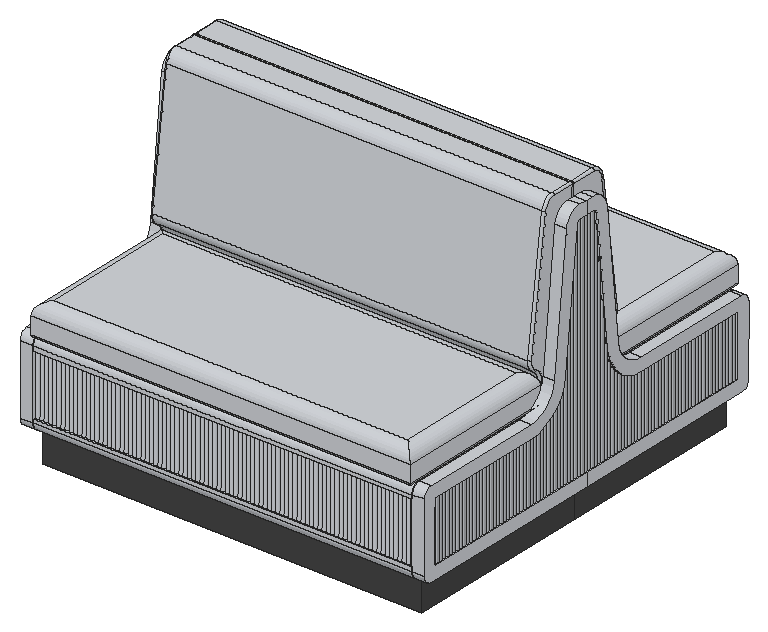
Revit family "Trenton Booth", category Furniture, Revit 2021 (continued)
Automatic sketch dimensions
  Extrusion 62 sketch curve to Extrusion 62 sketch curve = 1/4"
  Extrusion 62 sketch curve to Extrusion 62 sketch curve = 0"
  plane 7 to Extrusion 63 sketch curve = 3/4"
  Extrusion 63 sketch curve to plane 3 "Center Left/Right" = 6 1/4"
  Extrusion 63 sketch curve to Extrusion 63 sketch curve = 1/4"
  Extrusion 63 sketch curve to Extrusion 63 sketch curve = 0"
  plane 7 to Extrusion 64 sketch curve = 3/4"
  Extrusion 64 sketch curve to plane 3 "Center Left/Right" = 6 3/4"
  Extrusion 64 sketch curve to Extrusion 64 sketch curve = 1/4"
  Extrusion 64 sketch curve to Extrusion 64 sketch curve = 0"
  plane 7 to Extrusion 65 sketch curve = 3/4"
  Extrusion 65 sketch curve to plane 3 "Center Left/Right" = 7 1/4"
  Extrusion 65 sketch curve to Extrusion 65 sketch curve = 1/4"
  Extrusion 65 sketch curve to Extrusion 65 sketch curve = 0"
  plane 7 to Extrusion 66 sketch curve = 3/4"
  Extrusion 66 sketch curve to plane 3 "Center Left/Right" = 7 3/4"
  Extrusion 66 sketch curve to Extrusion 66 sketch curve = 1/4"
  Extrusion 66 sketch curve to Extrusion 66 sketch curve = 0"
  plane 7 to Extrusion 67 sketch curve = 3/4"
  Extrusion 67 sketch curve to plane 3 "Center Left/Right" = 8 1/4"
  Extrusion 67 sketch curve to Extrusion 67 sketch curve = 1/4"
  Extrusion 67 sketch curve to Extrusion 67 sketch curve = 0"
  plane 7 to Extrusion 68 sketch curve = 3/4"
  Extrusion 68 sketch curve to plane 3 "Center Left/Right" = 8 3/4"
  Extrusion 68 sketch curve to Extrusion 68 sketch curve = 1/4"
  Extrusion 68 sketch curve to Extrusion 68 sketch curve = 0"
  plane 7 to Extrusion 69 sketch curve = 3/4"
  Extrusion 69 sketch curve to plane 3 "Center Left/Right" = 9 1/4"
  Extrusion 69 sketch curve to Extrusion 69 sketch curve = 1/4"
  Extrusion 69 sketch curve to Extrusion 69 sketch curve = 0"
  plane 7 to Extrusion 70 sketch curve = 3/4"
  Extrusion 70 sketch curve to plane 3 "Center Left/Right" = 9 3/4"
  Extrusion 70 sketch curve to Extrusion 70 sketch curve = 1/4"
  Extrusion 70 sketch curve to Extrusion 70 sketch curve = 0"
  plane 7 to Extrusion 71 sketch curve = 3/4"
  Extrusion 71 sketch curve to plane 3 "Center Left/Right" = 10 1/4"
  Extrusion 71 sketch curve to Extrusion 71 sketch curve = 1/4"
  Extrusion 71 sketch curve to Extrusion 71 sketch curve = 0"
  plane 7 to Extrusion 72 sketch curve = 3/4"
  Extrusion 72 sketch curve to plane 3 "Center Left/Right" = 10 3/4"
  Extrusion 72 sketch curve to Extrusion 72 sketch curve = 1/4"
  Extrusion 72 sketch curve to Extrusion 72 sketch curve = 0"
  plane 7 to Extrusion 73 sketch curve = 3/4"
  Extrusion 73 sketch curve to plane 3 "Center Left/Right" = 11 1/4"
  Extrusion 73 sketch curve to Extrusion 73 sketch curve = 1/4"
  Extrusion 73 sketch curve to Extrusion 73 sketch curve = 0"
  plane 7 to Extrusion 74 sketch curve = 3/4"
  Extrusion 74 sketch curve to plane 11 = 10 3/4"
  Extrusion 74 sketch curve to Extrusion 74 sketch curve = 1/4"
  Extrusion 74 sketch curve to Extrusion 74 sketch curve = 0"
  plane 7 to Extrusion 75 sketch curve = 3/4"
  Extrusion 75 sketch curve to plane 11 = 10 1/4"
  Extrusion 75 sketch curve to Extrusion 75 sketch curve = 1/4"
  Extrusion 75 sketch curve to Extrusion 75 sketch curve = 0"
  plane 7 to Extrusion 76 sketch curve = 3/4"
  Extrusion 76 sketch curve to plane 11 = 9 3/4"
  Extrusion 76 sketch curve to Extrusion 76 sketch curve = 1/4"
  Extrusion 76 sketch curve to Extrusion 76 sketch curve = 0"
  plane 7 to Extrusion 77 sketch curve = 3/4"
  Extrusion 77 sketch curve to plane 11 = 9 1/4"
  Extrusion 77 sketch curve to Extrusion 77 sketch curve = 1/4"
  Extrusion 77 sketch curve to Extrusion 77 sketch curve = 0"
  plane 7 to Extrusion 78 sketch curve = 3/4"
  Extrusion 78 sketch curve to plane 11 = 8 3/4"
  Extrusion 78 sketch curve to Extrusion 78 sketch curve = 1/4"
  Extrusion 78 sketch curve to Extrusion 78 sketch curve = 0"
  plane 7 to Extrusion 79 sketch curve = 3/4"
  Extrusion 79 sketch curve to plane 11 = 8 1/4"
  Extrusion 79 sketch curve to Extrusion 79 sketch curve = 1/4"
  Extrusion 79 sketch curve to Extrusion 79 sketch curve = 0"
  plane 7 to Extrusion 80 sketch curve = 3/4"
  Extrusion 80 sketch curve to plane 11 = 7 3/4"
  Extrusion 80 sketch curve to Extrusion 80 sketch curve = 1/4"
  Extrusion 80 sketch curve to Extrusion 80 sketch curve = 0"
  plane 7 to Extrusion 81 sketch curve = 3/4"
  Extrusion 81 sketch curve to plane 11 = 7 1/4"
  Extrusion 81 sketch curve to Extrusion 81 sketch curve = 1/4"
  Extrusion 81 sketch curve to Extrusion 81 sketch curve = 0"
  plane 7 to Extrusion 82 sketch curve = 3/4"
  Extrusion 82 sketch curve to plane 11 = 6 3/4"
  Extrusion 82 sketch curve to Extrusion 82 sketch curve = 1/4"
  Extrusion 82 sketch curve to Extrusion 82 sketch curve = 0"
  plane 7 to Extrusion 83 sketch curve = 3/4"
  Extrusion 83 sketch curve to plane 11 = 6 1/4"
  Extrusion 83 sketch curve to Extrusion 83 sketch curve = 1/4"
  Extrusion 83 sketch curve to Extrusion 83 sketch curve = 0"
  plane 7 to Extrusion 84 sketch curve = 3/4"
  Extrusion 84 sketch curve to plane 11 = 5 3/4"
  Extrusion 84 sketch curve to Extrusion 84 sketch curve = 1/4"
  Extrusion 84 sketch curve to Extrusion 84 sketch curve = 0"
  plane 7 to Extrusion 85 sketch curve = 3/4"
  Extrusion 85 sketch curve to plane 11 = 5 1/4"
  Extrusion 85 sketch curve to Extrusion 85 sketch curve = 1/4"
  Extrusion 85 sketch curve to Extrusion 85 sketch curve = 0"
  plane 7 to Extrusion 86 sketch curve = 3/4"
  Extrusion 86 sketch curve to plane 11 = 4 3/4"
  Extrusion 86 sketch curve to Extrusion 86 sketch curve = 1/4"
  Extrusion 86 sketch curve to Extrusion 86 sketch curve = 0"
  plane 7 to Extrusion 87 sketch curve = 3/4"
  Extrusion 87 sketch curve to plane 11 = 4 1/4"
  Extrusion 87 sketch curve to Extrusion 87 sketch curve = 1/4"
  Extrusion 87 sketch curve to Extrusion 87 sketch curve = 0"
  plane 7 to Extrusion 88 sketch curve = 3/4"
  Extrusion 88 sketch curve to plane 11 = 3 3/4"
  Extrusion 88 sketch curve to Extrusion 88 sketch curve = 1/4"
  Extrusion 88 sketch curve to Extrusion 88 sketch curve = 0"
  plane 7 to Extrusion 89 sketch curve = 3/4"
  Extrusion 89 sketch curve to plane 11 = 3 1/4"
  Extrusion 89 sketch curve to Extrusion 89 sketch curve = 1/4"
  Extrusion 89 sketch curve to Extrusion 89 sketch curve = 0"
  plane 7 to Extrusion 90 sketch curve = 3/4"
  Extrusion 90 sketch curve to plane 11 = 2 3/4"
  Extrusion 90 sketch curve to Extrusion 90 sketch curve = 1/4"
  Extrusion 90 sketch curve to Extrusion 90 sketch curve = 0"
  plane 7 to Extrusion 91 sketch curve = 3/4"
  Extrusion 91 sketch curve to plane 11 = 2 1/4"
  Extrusion 91 sketch curve to Extrusion 91 sketch curve = 1/4"
  Extrusion 91 sketch curve to Extrusion 91 sketch curve = 0"
  plane 7 to Extrusion 92 sketch curve = 3/4"
  Extrusion 92 sketch curve to plane 11 = 1 3/4"
  Extrusion 92 sketch curve to Extrusion 92 sketch curve = 1/4"
  Extrusion 92 sketch curve to Extrusion 92 sketch curve = 0"
  Extrusion 93 sketch curve to plane 11 = 1 1/4"
  Extrusion 93 sketch curve to Extrusion 93 sketch curve = 1/4"
  plane 7 to Extrusion 93 sketch curve = 3/4"
  Extrusion 93 sketch curve to Extrusion 93 sketch curve = 0"
  Extrusion 94 sketch curve to plane 11 = 3/4"
  Extrusion 94 sketch curve to Extrusion 94 sketch curve = 1/4"
  plane 7 to Extrusion 94 sketch curve = 3/4"
  Extrusion 94 sketch curve to Extrusion 94 sketch curve = 0"
  Extrusion 95 sketch curve to plane 11 = 0"  (x2)
  Extrusion 95 sketch curve to plane 11 = 1/4"
  plane 7 to Extrusion 95 sketch curve = 3/4"
  Extrusion 96 sketch curve to plane 10 = 0"
  Extrusion 96 sketch curve to Extrusion 96 sketch curve = 1/4"
  plane 9 to Extrusion 96 sketch curve = 1/2"
  Extrusion 96 sketch curve to Extrusion 96 sketch curve = 0"
  Extrusion 97 sketch curve to plane 10 = 3/4"
  Extrusion 97 sketch curve to Extrusion 97 sketch curve = 1/4"
  plane 9 to Extrusion 97 sketch curve = 1/2"
  Extrusion 97 sketch curve to Extrusion 97 sketch curve = 0"
  plane 9 to Extrusion 98 sketch curve = 1/2"
  Extrusion 98 sketch curve to plane 10 = 1 1/4"
  Extrusion 98 sketch curve to Extrusion 98 sketch curve = 1/4"
  Extrusion 98 sketch curve to Extrusion 98 sketch curve = 0"
  plane 9 to Extrusion 99 sketch curve = 1/2"
  Extrusion 99 sketch curve to plane 10 = 1 3/4"
  Extrusion 99 sketch curve to Extrusion 99 sketch curve = 1/4"
  Extrusion 99 sketch curve to Extrusion 99 sketch curve = 0"
  plane 9 to Extrusion 100 sketch curve = 1/2"
  Extrusion 100 sketch curve to plane 10 = 2 1/4"
  Extrusion 100 sketch curve to Extrusion 100 sketch curve = 1/4"
  Extrusion 100 sketch curve to Extrusion 100 sketch curve = 0"
  plane 9 to Extrusion 101 sketch curve = 1/2"
  Extrusion 101 sketch curve to plane 10 = 2 3/4"
  Extrusion 101 sketch curve to Extrusion 101 sketch curve = 1/4"
  Extrusion 101 sketch curve to Extrusion 101 sketch curve = 0"
  plane 9 to Extrusion 102 sketch curve = 1/2"
  Extrusion 102 sketch curve to plane 10 = 3 1/4"
  Extrusion 102 sketch curve to Extrusion 102 sketch curve = 1/4"
  Extrusion 102 sketch curve to Extrusion 102 sketch curve = 0"
  plane 9 to Extrusion 103 sketch curve = 1/2"
  Extrusion 103 sketch curve to plane 10 = 3 3/4"
  Extrusion 103 sketch curve to Extrusion 103 sketch curve = 1/4"
  Extrusion 103 sketch curve to Extrusion 103 sketch curve = 0"
  plane 9 to Extrusion 104 sketch curve = 1/2"
  Extrusion 104 sketch curve to plane 10 = 4 1/4"
  Extrusion 104 sketch curve to Extrusion 104 sketch curve = 1/4"
  Extrusion 104 sketch curve to Extrusion 104 sketch curve = 0"
  plane 9 to Extrusion 105 sketch curve = 1/2"
  Extrusion 105 sketch curve to plane 10 = 4 3/4"
  Extrusion 105 sketch curve to Extrusion 105 sketch curve = 1/4"
  Extrusion 105 sketch curve to Extrusion 105 sketch curve = 0"
  plane 9 to Extrusion 106 sketch curve = 1/2"
  Extrusion 106 sketch curve to plane 10 = 5 1/4"
  Extrusion 106 sketch curve to Extrusion 106 sketch curve = 1/4"
  Extrusion 106 sketch curve to Extrusion 106 sketch curve = 0"
  plane 9 to Extrusion 107 sketch curve = 1/2"
  Extrusion 107 sketch curve to plane 10 = 5 3/4"
  Extrusion 107 sketch curve to Extrusion 107 sketch curve = 1/4"
  Extrusion 107 sketch curve to Extrusion 107 sketch curve = 0"
  plane 9 to Extrusion 108 sketch curve = 1/2"
  Extrusion 108 sketch curve to plane 10 = 6 1/4"
  Extrusion 108 sketch curve to Extrusion 108 sketch curve = 1/4"
  Extrusion 108 sketch curve to Extrusion 108 sketch curve = 0"
  plane 9 to Extrusion 109 sketch curve = 1/2"
  Extrusion 109 sketch curve to plane 10 = 6 3/4"
  Extrusion 109 sketch curve to Extrusion 109 sketch curve = 1/4"
  Extrusion 109 sketch curve to Extrusion 109 sketch curve = 0"
  plane 9 to Extrusion 110 sketch curve = 1/2"
  Extrusion 110 sketch curve to plane 10 = 7 1/4"
  Extrusion 110 sketch curve to Extrusion 110 sketch curve = 1/4"
  Extrusion 110 sketch curve to Extrusion 110 sketch curve = 0"
  plane 9 to Extrusion 111 sketch curve = 1/2"
  Extrusion 111 sketch curve to plane 10 = 7 3/4"
  Extrusion 111 sketch curve to Extrusion 111 sketch curve = 1/4"
  Extrusion 111 sketch curve to Extrusion 111 sketch curve = 0"
  plane 9 to Extrusion 112 sketch curve = 1/2"
  Extrusion 112 sketch curve to plane 10 = 8 1/4"
  Extrusion 112 sketch curve to Extrusion 112 sketch curve = 1/4"
  Extrusion 112 sketch curve to Extrusion 112 sketch curve = 0"
  plane 9 to Extrusion 113 sketch curve = 1/2"
  Extrusion 113 sketch curve to plane 10 = 8 3/4"
  Extrusion 113 sketch curve to Extrusion 113 sketch curve = 1/4"
  Extrusion 113 sketch curve to Extrusion 113 sketch curve = 0"
  plane 9 to Extrusion 114 sketch curve = 1/2"
  Extrusion 114 sketch curve to plane 10 = 9 1/4"
  Extrusion 114 sketch curve to Extrusion 114 sketch curve = 1/4"
  Extrusion 114 sketch curve to Extrusion 114 sketch curve = 0"
  plane 9 to Extrusion 115 sketch curve = 1/2"
  Extrusion 115 sketch curve to plane 10 = 9 3/4"
  Extrusion 115 sketch curve to Extrusion 115 sketch curve = 1/4"
  Extrusion 115 sketch curve to Extrusion 115 sketch curve = 0"
  plane 9 to Extrusion 116 sketch curve = 1/2"
  Extrusion 116 sketch curve to plane 10 = 10 1/4"
  Extrusion 116 sketch curve to Extrusion 116 sketch curve = 1/4"
  Extrusion 116 sketch curve to Extrusion 116 sketch curve = 0"
  plane 9 to Extrusion 117 sketch curve = 1/2"
  Extrusion 117 sketch curve to plane 10 = 10 3/4"
  Extrusion 117 sketch curve to Extrusion 117 sketch curve = 1/4"
  Extrusion 117 sketch curve to Extrusion 117 sketch curve = 0"
  plane 9 to Extrusion 118 sketch curve = 1/2"
  plane 3 "Center Left/Right" to Extrusion 118 sketch curve = 11 1/4"
  Extrusion 118 sketch curve to Extrusion 118 sketch curve = 1/4"
  Extrusion 118 sketch curve to Extrusion 118 sketch curve = 0"
  plane 9 to Extrusion 119 sketch curve = 1/2"
  plane 3 "Center Left/Right" to Extrusion 119 sketch curve = 10 3/4"
  Extrusion 119 sketch curve to Extrusion 119 sketch curve = 1/4"
  Extrusion 119 sketch curve to Extrusion 119 sketch curve = 0"
  plane 9 to Extrusion 120 sketch curve = 1/2"
  plane 3 "Center Left/Right" to Extrusion 120 sketch curve = 10 1/4"
  Extrusion 120 sketch curve to Extrusion 120 sketch curve = 1/4"
  Extrusion 120 sketch curve to Extrusion 120 sketch curve = 0"
  plane 9 to Extrusion 121 sketch curve = 1/2"
  plane 3 "Center Left/Right" to Extrusion 121 sketch curve = 9 3/4"
  Extrusion 121 sketch curve to Extrusion 121 sketch curve = 1/4"
  Extrusion 121 sketch curve to Extrusion 121 sketch curve = 0"
  plane 9 to Extrusion 122 sketch curve = 1/2"
  plane 3 "Center Left/Right" to Extrusion 122 sketch curve = 9 1/4"
  Extrusion 122 sketch curve to Extrusion 122 sketch curve = 1/4"
  Extrusion 122 sketch curve to Extrusion 122 sketch curve = 0"
  plane 9 to Extrusion 123 sketch curve = 1/2"
  plane 3 "Center Left/Right" to Extrusion 123 sketch curve = 8 3/4"
  Extrusion 123 sketch curve to Extrusion 123 sketch curve = 1/4"
  Extrusion 123 sketch curve to Extrusion 123 sketch curve = 0"
  plane 9 to Extrusion 124 sketch curve = 1/2"
  plane 3 "Center Left/Right" to Extrusion 124 sketch curve = 8 1/4"
  Extrusion 124 sketch curve to Extrusion 124 sketch curve = 1/4"
  Extrusion 124 sketch curve to Extrusion 124 sketch curve = 0"
  plane 9 to Extrusion 125 sketch curve = 1/2"
  plane 3 "Center Left/Right" to Extrusion 125 sketch curve = 7 3/4"
  Extrusion 125 sketch curve to Extrusion 125 sketch curve = 1/4"
  Extrusion 125 sketch curve to Extrusion 125 sketch curve = 0"
  plane 9 to Extrusion 126 sketch curve = 1/2"
  plane 3 "Center Left/Right" to Extrusion 126 sketch curve = 7 1/4"
  Extrusion 126 sketch curve to Extrusion 126 sketch curve = 1/4"
  Extrusion 126 sketch curve to Extrusion 126 sketch curve = 0"
  plane 9 to Extrusion 127 sketch curve = 1/2"
  plane 3 "Center Left/Right" to Extrusion 127 sketch curve = 6 3/4"
  Extrusion 127 sketch curve to Extrusion 127 sketch curve = 1/4"
  Extrusion 127 sketch curve to Extrusion 127 sketch curve = 0"
  plane 9 to Extrusion 128 sketch curve = 1/2"
  plane 3 "Center Left/Right" to Extrusion 128 sketch curve = 6 1/4"
  Extrusion 128 sketch curve to Extrusion 128 sketch curve = 1/4"
  Extrusion 128 sketch curve to Extrusion 128 sketch curve = 0"
  plane 9 to Extrusion 129 sketch curve = 1/2"
  plane 3 "Center Left/Right" to Extrusion 129 sketch curve = 5 3/4"
  Extrusion 129 sketch curve to Extrusion 129 sketch curve = 1/4"
  Extrusion 129 sketch curve to Extrusion 129 sketch curve = 0"
  plane 9 to Extrusion 130 sketch curve = 1/2"
  plane 3 "Center Left/Right" to Extrusion 130 sketch curve = 5 1/4"
  Extrusion 130 sketch curve to Extrusion 130 sketch curve = 1/4"
  Extrusion 130 sketch curve to Extrusion 130 sketch curve = 0"
  plane 9 to Extrusion 131 sketch curve = 1/2"
  plane 3 "Center Left/Right" to Extrusion 131 sketch curve = 4 3/4"
  Extrusion 131 sketch curve to Extrusion 131 sketch curve = 1/4"
  Extrusion 131 sketch curve to Extrusion 131 sketch curve = 0"
  plane 9 to Extrusion 132 sketch curve = 1/2"
  plane 3 "Center Left/Right" to Extrusion 132 sketch curve = 4 1/4"
  Extrusion 132 sketch curve to Extrusion 132 sketch curve = 1/4"
  Extrusion 132 sketch curve to Extrusion 132 sketch curve = 0"
  plane 9 to Extrusion 133 sketch curve = 1/2"
  plane 3 "Center Left/Right" to Extrusion 133 sketch curve = 3 3/4"
  Extrusion 133 sketch curve to Extrusion 133 sketch curve = 1/4"
  Extrusion 133 sketch curve to Extrusion 133 sketch curve = 0"
  plane 9 to Extrusion 134 sketch curve = 1/2"
  plane 3 "Center Left/Right" to Extrusion 134 sketch curve = 3 1/4"
  Extrusion 134 sketch curve to Extrusion 134 sketch curve = 1/4"
  Extrusion 134 sketch curve to Extrusion 134 sketch curve = 0"
  plane 9 to Extrusion 135 sketch curve = 1/2"
  plane 3 "Center Left/Right" to Extrusion 135 sketch curve = 2 3/4"
  Extrusion 135 sketch curve to Extrusion 135 sketch curve = 1/4"
  Extrusion 135 sketch curve to Extrusion 135 sketch curve = 0"
  plane 9 to Extrusion 136 sketch curve = 1/2"
  plane 3 "Center Left/Right" to Extrusion 136 sketch curve = 2 1/4"
  Extrusion 136 sketch curve to Extrusion 136 sketch curve = 1/4"
  Extrusion 136 sketch curve to Extrusion 136 sketch curve = 0"
  plane 9 to Extrusion 137 sketch curve = 1/2"
  plane 3 "Center Left/Right" to Extrusion 137 sketch curve = 1 3/4"
  Extrusion 137 sketch curve to Extrusion 137 sketch curve = 1/4"
  Extrusion 137 sketch curve to Extrusion 137 sketch curve = 0"
  plane 9 to Extrusion 138 sketch curve = 1/2"
  plane 3 "Center Left/Right" to Extrusion 138 sketch curve = 1 1/4"
  Extrusion 138 sketch curve to Extrusion 138 sketch curve = 1/4"
  Extrusion 138 sketch curve to Extrusion 138 sketch curve = 0"
  plane 3 "Center Left/Right" to Extrusion 139 sketch curve = 3/4"
  Extrusion 139 sketch curve to Extrusion 139 sketch curve = 1/4"
  plane 9 to Extrusion 139 sketch curve = 1/2"
  Extrusion 139 sketch curve to Extrusion 139 sketch curve = 0"
  Extrusion 140 sketch curve to plane 3 "Center Left/Right" = 0"  (x2)
  plane 3 "Center Left/Right" to Extrusion 140 sketch curve = 1/4"
  plane 9 to Extrusion 140 sketch curve = 1/2"
  Extrusion 141 sketch curve to plane 3 "Center Left/Right" = 0"
  Extrusion 141 sketch curve to Extrusion 141 sketch curve = 1/4"
  plane 9 to Extrusion 141 sketch curve = 1/2"
  Extrusion 141 sketch curve to Extrusion 141 sketch curve = 0"
  Extrusion 142 sketch curve to plane 3 "Center Left/Right" = 3/4"
  Extrusion 142 sketch curve to Extrusion 142 sketch curve = 1/4"
  plane 9 to Extrusion 142 sketch curve = 1/2"
  Extrusion 142 sketch curve to Extrusion 142 sketch curve = 0"
  plane 9 to Extrusion 143 sketch curve = 1/2"
  Extrusion 143 sketch curve to plane 3 "Center Left/Right" = 1 1/4"
  Extrusion 143 sketch curve to Extrusion 143 sketch curve = 1/4"
  Extrusion 143 sketch curve to Extrusion 143 sketch curve = 0"
  plane 9 to Extrusion 144 sketch curve = 1/2"
  Extrusion 144 sketch curve to plane 3 "Center Left/Right" = 1 3/4"
  Extrusion 144 sketch curve to Extrusion 144 sketch curve = 1/4"
  Extrusion 144 sketch curve to Extrusion 144 sketch curve = 0"
  plane 9 to Extrusion 145 sketch curve = 1/2"
  Extrusion 145 sketch curve to plane 3 "Center Left/Right" = 2 1/4"
  Extrusion 145 sketch curve to Extrusion 145 sketch curve = 1/4"
  Extrusion 145 sketch curve to Extrusion 145 sketch curve = 0"
  plane 9 to Extrusion 146 sketch curve = 1/2"
  Extrusion 146 sketch curve to plane 3 "Center Left/Right" = 2 3/4"
  Extrusion 146 sketch curve to Extrusion 146 sketch curve = 1/4"
  Extrusion 146 sketch curve to Extrusion 146 sketch curve = 0"
  plane 9 to Extrusion 147 sketch curve = 1/2"
  Extrusion 147 sketch curve to plane 3 "Center Left/Right" = 3 1/4"
  Extrusion 147 sketch curve to Extrusion 147 sketch curve = 1/4"
  Extrusion 147 sketch curve to Extrusion 147 sketch curve = 0"
  plane 9 to Extrusion 148 sketch curve = 1/2"
  Extrusion 148 sketch curve to plane 3 "Center Left/Right" = 3 3/4"
  Extrusion 148 sketch curve to Extrusion 148 sketch curve = 1/4"
  Extrusion 148 sketch curve to Extrusion 148 sketch curve = 0"
  plane 9 to Extrusion 149 sketch curve = 1/2"
  Extrusion 149 sketch curve to plane 3 "Center Left/Right" = 4 1/4"
  Extrusion 149 sketch curve to Extrusion 149 sketch curve = 1/4"
  Extrusion 149 sketch curve to Extrusion 149 sketch curve = 0"
  plane 9 to Extrusion 150 sketch curve = 1/2"
  Extrusion 150 sketch curve to plane 3 "Center Left/Right" = 4 3/4"
  Extrusion 150 sketch curve to Extrusion 150 sketch curve = 1/4"
  Extrusion 150 sketch curve to Extrusion 150 sketch curve = 0"
  plane 9 to Extrusion 151 sketch curve = 1/2"
  Extrusion 151 sketch curve to plane 3 "Center Left/Right" = 5 1/4"
  Extrusion 151 sketch curve to Extrusion 151 sketch curve = 1/4"
  Extrusion 151 sketch curve to Extrusion 151 sketch curve = 0"
  plane 9 to Extrusion 152 sketch curve = 1/2"
  Extrusion 152 sketch curve to plane 3 "Center Left/Right" = 5 3/4"
  Extrusion 152 sketch curve to Extrusion 152 sketch curve = 1/4"
  Extrusion 152 sketch curve to Extrusion 152 sketch curve = 0"
  plane 9 to Extrusion 153 sketch curve = 1/2"
  Extrusion 153 sketch curve to plane 3 "Center Left/Right" = 6 1/4"
  Extrusion 153 sketch curve to Extrusion 153 sketch curve = 1/4"
  Extrusion 153 sketch curve to Extrusion 153 sketch curve = 0"
  plane 9 to Extrusion 154 sketch curve = 1/2"
  Extrusion 154 sketch curve to plane 3 "Center Left/Right" = 6 3/4"
  Extrusion 154 sketch curve to Extrusion 154 sketch curve = 1/4"
  Extrusion 154 sketch curve to Extrusion 154 sketch curve = 0"
  plane 9 to Extrusion 155 sketch curve = 1/2"
  Extrusion 155 sketch curve to plane 3 "Center Left/Right" = 7 1/4"
  Extrusion 155 sketch curve to Extrusion 155 sketch curve = 1/4"
  Extrusion 155 sketch curve to Extrusion 155 sketch curve = 0"
  plane 9 to Extrusion 156 sketch curve = 1/2"
  Extrusion 156 sketch curve to plane 3 "Center Left/Right" = 7 3/4"
  Extrusion 156 sketch curve to Extrusion 156 sketch curve = 1/4"
  Extrusion 156 sketch curve to Extrusion 156 sketch curve = 0"
  plane 9 to Extrusion 157 sketch curve = 1/2"
  Extrusion 157 sketch curve to plane 3 "Center Left/Right" = 8 1/4"
  Extrusion 157 sketch curve to Extrusion 157 sketch curve = 1/4"
  Extrusion 157 sketch curve to Extrusion 157 sketch curve = 0"
  plane 9 to Extrusion 158 sketch curve = 1/2"
  Extrusion 158 sketch curve to plane 3 "Center Left/Right" = 8 3/4"
  Extrusion 158 sketch curve to Extrusion 158 sketch curve = 1/4"
  Extrusion 158 sketch curve to Extrusion 158 sketch curve = 0"
  plane 9 to Extrusion 159 sketch curve = 1/2"
  Extrusion 159 sketch curve to plane 3 "Center Left/Right" = 9 1/4"
  Extrusion 159 sketch curve to Extrusion 159 sketch curve = 1/4"
  Extrusion 159 sketch curve to Extrusion 159 sketch curve = 0"
  plane 9 to Extrusion 160 sketch curve = 1/2"
  Extrusion 160 sketch curve to plane 3 "Center Left/Right" = 9 3/4"
  Extrusion 160 sketch curve to Extrusion 160 sketch curve = 1/4"
  Extrusion 160 sketch curve to Extrusion 160 sketch curve = 0"
  plane 9 to Extrusion 161 sketch curve = 1/2"
  Extrusion 161 sketch curve to plane 3 "Center Left/Right" = 10 1/4"
  Extrusion 161 sketch curve to Extrusion 161 sketch curve = 1/4"
  Extrusion 161 sketch curve to Extrusion 161 sketch curve = 0"
  plane 9 to Extrusion 162 sketch curve = 1/2"
  Extrusion 162 sketch curve to plane 3 "Center Left/Right" = 10 3/4"
  Extrusion 162 sketch curve to Extrusion 162 sketch curve = 1/4"
  Extrusion 162 sketch curve to Extrusion 162 sketch curve = 0"
  plane 9 to Extrusion 163 sketch curve = 1/2"
  Extrusion 163 sketch curve to plane 3 "Center Left/Right" = 11 1/4"
  Extrusion 163 sketch curve to Extrusion 163 sketch curve = 1/4"
  Extrusion 163 sketch curve to Extrusion 163 sketch curve = 0"
  plane 9 to Extrusion 164 sketch curve = 1/2"
  Extrusion 164 sketch curve to plane 11 = 10 3/4"
  Extrusion 164 sketch curve to Extrusion 164 sketch curve = 1/4"
  Extrusion 164 sketch curve to Extrusion 164 sketch curve = 0"
  plane 9 to Extrusion 165 sketch curve = 1/2"
  Extrusion 165 sketch curve to plane 11 = 10 1/4"
  Extrusion 165 sketch curve to Extrusion 165 sketch curve = 1/4"
  Extrusion 165 sketch curve to Extrusion 165 sketch curve = 0"
  plane 9 to Extrusion 166 sketch curve = 1/2"
  Extrusion 166 sketch curve to plane 11 = 9 3/4"
  Extrusion 166 sketch curve to Extrusion 166 sketch curve = 1/4"
  Extrusion 166 sketch curve to Extrusion 166 sketch curve = 0"
  plane 9 to Extrusion 167 sketch curve = 1/2"
  Extrusion 167 sketch curve to plane 11 = 9 1/4"
  Extrusion 167 sketch curve to Extrusion 167 sketch curve = 1/4"
  Extrusion 167 sketch curve to Extrusion 167 sketch curve = 0"
  plane 9 to Extrusion 168 sketch curve = 1/2"
  Extrusion 168 sketch curve to plane 11 = 8 3/4"
  Extrusion 168 sketch curve to Extrusion 168 sketch curve = 1/4"
  Extrusion 168 sketch curve to Extrusion 168 sketch curve = 0"
  plane 9 to Extrusion 169 sketch curve = 1/2"
  Extrusion 169 sketch curve to plane 11 = 8 1/4"
  Extrusion 169 sketch curve to Extrusion 169 sketch curve = 1/4"
  Extrusion 169 sketch curve to Extrusion 169 sketch curve = 0"
  plane 9 to Extrusion 170 sketch curve = 1/2"
  Extrusion 170 sketch curve to plane 11 = 7 3/4"
  Extrusion 170 sketch curve to Extrusion 170 sketch curve = 1/4"
  Extrusion 170 sketch curve to Extrusion 170 sketch curve = 0"
  plane 9 to Extrusion 171 sketch curve = 1/2"
  Extrusion 171 sketch curve to plane 11 = 7 1/4"
  Extrusion 171 sketch curve to Extrusion 171 sketch curve = 1/4"
  Extrusion 171 sketch curve to Extrusion 171 sketch curve = 0"
  plane 9 to Extrusion 172 sketch curve = 1/2"
  Extrusion 172 sketch curve to plane 11 = 6 3/4"
  Extrusion 172 sketch curve to Extrusion 172 sketch curve = 1/4"
  Extrusion 172 sketch curve to Extrusion 172 sketch curve = 0"
  plane 9 to Extrusion 173 sketch curve = 1/2"
  Extrusion 173 sketch curve to plane 11 = 6 1/4"
  Extrusion 173 sketch curve to Extrusion 173 sketch curve = 1/4"
  Extrusion 173 sketch curve to Extrusion 173 sketch curve = 0"
  plane 9 to Extrusion 174 sketch curve = 1/2"
  Extrusion 174 sketch curve to plane 11 = 5 3/4"
  Extrusion 174 sketch curve to Extrusion 174 sketch curve = 1/4"
  Extrusion 174 sketch curve to Extrusion 174 sketch curve = 0"
  plane 9 to Extrusion 175 sketch curve = 1/2"
  Extrusion 175 sketch curve to plane 11 = 5 1/4"
  Extrusion 175 sketch curve to Extrusion 175 sketch curve = 1/4"
  Extrusion 175 sketch curve to Extrusion 175 sketch curve = 0"
  plane 9 to Extrusion 176 sketch curve = 1/2"
  Extrusion 176 sketch curve to plane 11 = 4 3/4"
  Extrusion 176 sketch curve to Extrusion 176 sketch curve = 1/4"
  Extrusion 176 sketch curve to Extrusion 176 sketch curve = 0"
  plane 9 to Extrusion 177 sketch curve = 1/2"
  Extrusion 177 sketch curve to plane 11 = 4 1/4"
  Extrusion 177 sketch curve to Extrusion 177 sketch curve = 1/4"
  Extrusion 177 sketch curve to Extrusion 177 sketch curve = 0"
  plane 9 to Extrusion 178 sketch curve = 1/2"
  Extrusion 178 sketch curve to plane 11 = 3 3/4"
  Extrusion 178 sketch curve to Extrusion 178 sketch curve = 1/4"
  Extrusion 178 sketch curve to Extrusion 178 sketch curve = 0"
  plane 9 to Extrusion 179 sketch curve = 1/2"
  Extrusion 179 sketch curve to plane 11 = 3 1/4"
  Extrusion 179 sketch curve to Extrusion 179 sketch curve = 1/4"
  Extrusion 179 sketch curve to Extrusion 179 sketch curve = 0"
  plane 9 to Extrusion 180 sketch curve = 1/2"
  Extrusion 180 sketch curve to plane 11 = 2 3/4"
  Extrusion 180 sketch curve to Extrusion 180 sketch curve = 1/4"
  Extrusion 180 sketch curve to Extrusion 180 sketch curve = 0"
  plane 9 to Extrusion 181 sketch curve = 1/2"
  Extrusion 181 sketch curve to plane 11 = 2 1/4"
  Extrusion 181 sketch curve to Extrusion 181 sketch curve = 1/4"
  Extrusion 181 sketch curve to Extrusion 181 sketch curve = 0"
  plane 9 to Extrusion 182 sketch curve = 1/2"
  Extrusion 182 sketch curve to plane 11 = 1 3/4"
  Extrusion 182 sketch curve to Extrusion 182 sketch curve = 1/4"
  Extrusion 182 sketch curve to Extrusion 182 sketch curve = 0"
  plane 9 to Extrusion 183 sketch curve = 1/2"
  Extrusion 183 sketch curve to plane 11 = 1 1/4"
  Extrusion 183 sketch curve to Extrusion 183 sketch curve = 1/4"
  Extrusion 183 sketch curve to Extrusion 183 sketch curve = 0"
  Extrusion 184 sketch curve to plane 11 = 3/4"
  Extrusion 184 sketch curve to Extrusion 184 sketch curve = 1/4"
  plane 9 to Extrusion 184 sketch curve = 1/2"
  Extrusion 184 sketch curve to Extrusion 184 sketch curve = 0"
  Extrusion 185 sketch curve to plane 11 = 0"  (x2)
  Extrusion 185 sketch curve to plane 11 = 1/4"
  plane 9 to Extrusion 185 sketch curve = 1/2"
  Extrusion 186 sketch curve to plane 14 = 0"  (x2)
  Extrusion 186 sketch curve to plane 5 = 1/2"
  Extrusion 186 sketch curve to Extrusion 186 sketch curve = 1/4"
  Extrusion 186 sketch curve to Extrusion 186 sketch curve = 0"
  Extrusion 187 sketch curve to plane 5 = 1/2"
  plane 14 to Extrusion 187 sketch curve = 3/4"
  Extrusion 187 sketch curve to Extrusion 187 sketch curve = 1/4"
  Extrusion 187 sketch curve to Extrusion 187 sketch curve = 0"  (x2)
  Extrusion 188 sketch curve to plane 5 = 1/2"
  plane 14 to Extrusion 188 sketch curve = 1 1/4"
  Extrusion 188 sketch curve to Extrusion 188 sketch curve = 1/4"
  Extrusion 188 sketch curve to Extrusion 188 sketch curve = 0"  (x2)
  Extrusion 189 sketch curve to plane 5 = 1/2"
  plane 14 to Extrusion 189 sketch curve = 1 3/4"
  Extrusion 189 sketch curve to Extrusion 189 sketch curve = 1/4"
  Extrusion 189 sketch curve to Extrusion 189 sketch curve = 0"  (x2)
  Extrusion 190 sketch curve to plane 5 = 1/2"
  plane 14 to Extrusion 190 sketch curve = 2 1/4"
  Extrusion 190 sketch curve to Extrusion 190 sketch curve = 1/4"
  Extrusion 190 sketch curve to Extrusion 190 sketch curve = 0"  (x2)
  Extrusion 191 sketch curve to plane 5 = 1/2"
  plane 14 to Extrusion 191 sketch curve = 2 3/4"
  Extrusion 191 sketch curve to Extrusion 191 sketch curve = 1/4"
  Extrusion 191 sketch curve to Extrusion 191 sketch curve = 0"  (x2)
  Extrusion 192 sketch curve to plane 5 = 1/2"
  plane 14 to Extrusion 192 sketch curve = 3 1/4"
  Extrusion 192 sketch curve to Extrusion 192 sketch curve = 1/4"
  Extrusion 192 sketch curve to Extrusion 192 sketch curve = 0"  (x2)
  Extrusion 193 sketch curve to plane 5 = 1/2"
  plane 14 to Extrusion 193 sketch curve = 3 3/4"
  Extrusion 193 sketch curve to Extrusion 193 sketch curve = 1/4"
  Extrusion 193 sketch curve to Extrusion 193 sketch curve = 0"  (x2)
  Extrusion 194 sketch curve to plane 5 = 1/2"
  plane 14 to Extrusion 194 sketch curve = 4 1/4"
  Extrusion 194 sketch curve to Extrusion 194 sketch curve = 1/4"
  Extrusion 194 sketch curve to Extrusion 194 sketch curve = 0"  (x2)
  Extrusion 195 sketch curve to plane 5 = 1/2"
  plane 14 to Extrusion 195 sketch curve = 4 3/4"
  Extrusion 195 sketch curve to Extrusion 195 sketch curve = 1/4"
  Extrusion 195 sketch curve to Extrusion 195 sketch curve = 0"  (x2)
  Extrusion 196 sketch curve to plane 5 = 1/2"
  plane 14 to Extrusion 196 sketch curve = 5 1/4"
  Extrusion 196 sketch curve to Extrusion 196 sketch curve = 1/4"
  Extrusion 196 sketch curve to Extrusion 196 sketch curve = 0"  (x2)
  Extrusion 197 sketch curve to plane 5 = 1/2"
  plane 14 to Extrusion 197 sketch curve = 5 3/4"
  Extrusion 197 sketch curve to Extrusion 197 sketch curve = 1/4"
  Extrusion 197 sketch curve to Extrusion 197 sketch curve = 0"  (x2)
  Extrusion 198 sketch curve to plane 5 = 1/2"
  plane 14 to Extrusion 198 sketch curve = 6 1/4"
  Extrusion 198 sketch curve to Extrusion 198 sketch curve = 1/4"
  Extrusion 198 sketch curve to Extrusion 198 sketch curve = 0"  (x2)
  Extrusion 199 sketch curve to plane 5 = 1/2"
  plane 14 to Extrusion 199 sketch curve = 6 3/4"
  Extrusion 199 sketch curve to Extrusion 199 sketch curve = 1/4"
  Extrusion 199 sketch curve to Extrusion 199 sketch curve = 0"  (x2)
  Extrusion 200 sketch curve to plane 5 = 1/2"
  plane 14 to Extrusion 200 sketch curve = 7 1/4"
  Extrusion 200 sketch curve to Extrusion 200 sketch curve = 1/4"
  Extrusion 200 sketch curve to Extrusion 200 sketch curve = 0"  (x2)
  Extrusion 201 sketch curve to plane 5 = 1/2"
  plane 14 to Extrusion 201 sketch curve = 7 3/4"
  Extrusion 201 sketch curve to Extrusion 201 sketch curve = 1/4"
  Extrusion 201 sketch curve to Extrusion 201 sketch curve = 0"  (x2)
  Extrusion 202 sketch curve to plane 5 = 1/2"
  plane 14 to Extrusion 202 sketch curve = 8 1/4"
  Extrusion 202 sketch curve to Extrusion 202 sketch curve = 1/4"
  Extrusion 202 sketch curve to Extrusion 202 sketch curve = 0"  (x2)
  Extrusion 203 sketch curve to plane 5 = 1/2"
  plane 14 to Extrusion 203 sketch curve = 8 3/4"
  Extrusion 203 sketch curve to Extrusion 203 sketch curve = 1/4"
  Extrusion 203 sketch curve to Extrusion 203 sketch curve = 0"  (x2)
  Extrusion 204 sketch curve to plane 5 = 1/2"
  plane 14 to Extrusion 204 sketch curve = 9 1/4"
  Extrusion 204 sketch curve to Extrusion 204 sketch curve = 1/4"
  Extrusion 204 sketch curve to Extrusion 204 sketch curve = 0"  (x2)
  Extrusion 205 sketch curve to plane 5 = 1/2"
  plane 14 to Extrusion 205 sketch curve = 9 3/4"
  Extrusion 205 sketch curve to Extrusion 205 sketch curve = 1/4"
  Extrusion 205 sketch curve to Extrusion 205 sketch curve = 0"  (x2)
  Extrusion 206 sketch curve to plane 5 = 1/2"
  plane 14 to Extrusion 206 sketch curve = 10 1/4"
  Extrusion 206 sketch curve to Extrusion 206 sketch curve = 1/4"
  Extrusion 206 sketch curve to Extrusion 206 sketch curve = 0"  (x2)
  Extrusion 207 sketch curve to plane 5 = 1/2"
  plane 14 to Extrusion 207 sketch curve = 10 3/4"
  Extrusion 207 sketch curve to Extrusion 207 sketch curve = 1/4"
  Extrusion 207 sketch curve to Extrusion 207 sketch curve = 0"  (x2)
  Extrusion 208 sketch curve to plane 5 = 1/2"
  plane 1 "Center Front/Back" to Extrusion 208 sketch curve = 11 1/4"
  Extrusion 208 sketch curve to Extrusion 208 sketch curve = 1/4"
  Extrusion 208 sketch curve to Extrusion 208 sketch curve = 0"  (x2)
  Extrusion 209 sketch curve to plane 5 = 1/2"
  plane 1 "Center Front/Back" to Extrusion 209 sketch curve = 10 3/4"
  Extrusion 209 sketch curve to Extrusion 209 sketch curve = 1/4"
  Extrusion 209 sketch curve to Extrusion 209 sketch curve = 0"  (x2)
  Extrusion 210 sketch curve to plane 5 = 1/2"
  plane 1 "Center Front/Back" to Extrusion 210 sketch curve = 10 1/4"
  Extrusion 210 sketch curve to Extrusion 210 sketch curve = 1/4"
  Extrusion 210 sketch curve to Extrusion 210 sketch curve = 0"  (x2)
  Extrusion 211 sketch curve to plane 5 = 1/2"
  plane 1 "Center Front/Back" to Extrusion 211 sketch curve = 9 3/4"
  Extrusion 211 sketch curve to Extrusion 211 sketch curve = 1/4"
  Extrusion 211 sketch curve to Extrusion 211 sketch curve = 0"  (x2)
  Extrusion 212 sketch curve to plane 5 = 1/2"
  plane 1 "Center Front/Back" to Extrusion 212 sketch curve = 9 1/4"
  Extrusion 212 sketch curve to Extrusion 212 sketch curve = 1/4"
  Extrusion 212 sketch curve to Extrusion 212 sketch curve = 0"  (x2)
  Extrusion 213 sketch curve to plane 5 = 1/2"
  plane 1 "Center Front/Back" to Extrusion 213 sketch curve = 8 3/4"
  Extrusion 213 sketch curve to Extrusion 213 sketch curve = 1/4"
  Extrusion 213 sketch curve to Extrusion 213 sketch curve = 0"  (x2)
  Extrusion 214 sketch curve to plane 5 = 1/2"
  plane 1 "Center Front/Back" to Extrusion 214 sketch curve = 8 1/4"
  Extrusion 214 sketch curve to Extrusion 214 sketch curve = 1/4"
  Extrusion 214 sketch curve to Extrusion 214 sketch curve = 0"  (x2)
  Extrusion 215 sketch curve to plane 5 = 1/2"
  plane 1 "Center Front/Back" to Extrusion 215 sketch curve = 7 3/4"
  Extrusion 215 sketch curve to Extrusion 215 sketch curve = 1/4"
  Extrusion 215 sketch curve to Extrusion 215 sketch curve = 0"  (x2)
  Extrusion 216 sketch curve to plane 5 = 1/2"
  plane 1 "Center Front/Back" to Extrusion 216 sketch curve = 7 1/4"
  Extrusion 216 sketch curve to Extrusion 216 sketch curve = 1/4"
  Extrusion 216 sketch curve to Extrusion 216 sketch curve = 0"  (x2)
  Extrusion 217 sketch curve to plane 5 = 1/2"
  plane 1 "Center Front/Back" to Extrusion 217 sketch curve = 6 3/4"
  Extrusion 217 sketch curve to Extrusion 217 sketch curve = 1/4"
  Extrusion 217 sketch curve to Extrusion 217 sketch curve = 0"  (x2)
  Extrusion 218 sketch curve to plane 5 = 1/2"
  plane 1 "Center Front/Back" to Extrusion 218 sketch curve = 6 1/4"
  Extrusion 218 sketch curve to Extrusion 218 sketch curve = 1/4"
  Extrusion 218 sketch curve to Extrusion 218 sketch curve = 0"  (x2)
  Extrusion 219 sketch curve to plane 5 = 1/2"
  plane 1 "Center Front/Back" to Extrusion 219 sketch curve = 5 3/4"
  Extrusion 219 sketch curve to Extrusion 219 sketch curve = 1/4"
  Extrusion 219 sketch curve to Extrusion 219 sketch curve = 0"  (x2)
  Extrusion 220 sketch curve to plane 5 = 1/2"
  plane 1 "Center Front/Back" to Extrusion 220 sketch curve = 5 1/4"
  Extrusion 220 sketch curve to Extrusion 220 sketch curve = 1/4"
  Extrusion 220 sketch curve to Extrusion 220 sketch curve = 0"  (x2)
  Extrusion 221 sketch curve to plane 5 = 1/2"
  plane 1 "Center Front/Back" to Extrusion 221 sketch curve = 4 3/4"
  Extrusion 221 sketch curve to Extrusion 221 sketch curve = 1/4"
  Extrusion 221 sketch curve to Extrusion 221 sketch curve = 0"  (x2)
  Extrusion 222 sketch curve to plane 5 = 1/2"
  plane 1 "Center Front/Back" to Extrusion 222 sketch curve = 4 1/4"
  Extrusion 222 sketch curve to Extrusion 222 sketch curve = 1/4"
  Extrusion 222 sketch curve to Extrusion 222 sketch curve = 0"  (x2)
  Extrusion 223 sketch curve to plane 5 = 1/2"
  plane 1 "Center Front/Back" to Extrusion 223 sketch curve = 3 3/4"
  Extrusion 223 sketch curve to Extrusion 223 sketch curve = 1/4"
  Extrusion 223 sketch curve to Extrusion 223 sketch curve = 0"  (x2)
  Extrusion 224 sketch curve to plane 5 = 1/2"
  plane 1 "Center Front/Back" to Extrusion 224 sketch curve = 3 1/4"
  Extrusion 224 sketch curve to Extrusion 224 sketch curve = 1/4"
  Extrusion 224 sketch curve to Extrusion 224 sketch curve = 0"  (x2)
  Extrusion 225 sketch curve to plane 5 = 1/2"
  plane 1 "Center Front/Back" to Extrusion 225 sketch curve = 2 3/4"
  Extrusion 225 sketch curve to Extrusion 225 sketch curve = 1/4"
  Extrusion 225 sketch curve to Extrusion 225 sketch curve = 0"  (x2)
  Extrusion 226 sketch curve to plane 5 = 1/2"
  plane 1 "Center Front/Back" to Extrusion 226 sketch curve = 2 1/4"
  Extrusion 226 sketch curve to Extrusion 226 sketch curve = 1/4"
  Extrusion 226 sketch curve to Extrusion 226 sketch curve = 0"  (x2)
  Extrusion 227 sketch curve to plane 5 = 1/2"
  plane 1 "Center Front/Back" to Extrusion 227 sketch curve = 1 3/4"
  Extrusion 227 sketch curve to Extrusion 227 sketch curve = 1/4"
  Extrusion 227 sketch curve to Extrusion 227 sketch curve = 0"  (x2)
  Extrusion 228 sketch curve to plane 5 = 1/2"
  plane 1 "Center Front/Back" to Extrusion 228 sketch curve = 1 1/4"
  Extrusion 228 sketch curve to Extrusion 228 sketch curve = 1/4"
  Extrusion 228 sketch curve to Extrusion 228 sketch curve = 0"  (x2)
  Extrusion 229 sketch curve to plane 5 = 1/2"
  plane 1 "Center Front/Back" to Extrusion 229 sketch curve = 3/4"
  Extrusion 229 sketch curve to Extrusion 229 sketch curve = 1/4"
  Extrusion 229 sketch curve to Extrusion 229 sketch curve = 0"  (x2)
  plane 1 "Center Front/Back" to Extrusion 230 sketch curve = 0"  (x2)
  plane 1 "Center Front/Back" to Extrusion 230 sketch curve = 1/4"
  Extrusion 230 sketch curve to plane 5 = 1/2"
  Extrusion 230 sketch curve to Extrusion 230 sketch curve = 0"
  Extrusion 231 sketch curve to Extrusion 231 sketch curve = 0"  (x2)
  plane 15 to Extrusion 231 sketch curve = 0"
  Extrusion 231 sketch curve to plane 12 = 0"
  Extrusion 231 sketch curve to plane 14 = 0"
  Extrusion 231 sketch curve to plane 16 = 0"
  Extrusion 231 sketch curve to plane 1 "Center Front/Back" = 0"  (x2)
  Extrusion 231 sketch curve to plane 14 = 1/2"  (x2)
  plane 7 to Extrusion 231 sketch curve = 1/4"
  plane 15 to Extrusion 231 sketch curve = 1.49983"
  plane 1 "Center Front/Back" to Extrusion 231 sketch curve = 8.16885"
  Extrusion 231 sketch curve to Extrusion 231 sketch curve = 0.0362"
  Extrusion 231 sketch curve to plane 13 = 0.63651"
  Extrusion 231 sketch curve to Extrusion 231 sketch curve = 3.47859"
  Extrusion 231 sketch curve to plane 13 = 0.81335"
  Extrusion 231 sketch curve to Extrusion 231 sketch curve = 1.45351"
  Extrusion 231 sketch curve to plane 16 = 1.77914"
  plane 1 "Center Front/Back" to Extrusion 231 sketch curve = 2.94768"
  plane 1 "Center Front/Back" to Extrusion 231 sketch curve = 1.45686"
  Extrusion 231 sketch curve to Extrusion 231 sketch curve = 0.49694"
  Extrusion 231 sketch curve to Extrusion 231 sketch curve = 1/2"
  Extrusion 232 sketch curve to plane 1 "Center Front/Back" = 0"
  Extrusion 232 sketch curve to plane 12 = 0"
  Extrusion 232 sketch curve to plane 16 = 0"
  Extrusion 232 sketch curve to plane 9 = 0"
  Extrusion 232 sketch curve to plane 1 "Center Front/Back" = 1/2"  (x2)
  Extrusion 233 sketch curve to plane 7 = 0"
  plane 15 to Extrusion 233 sketch curve = 0"
  Extrusion 233 sketch curve to plane 13 = 0"
  plane 1 "Center Front/Back" to Extrusion 233 sketch curve = 5.03902"
  plane 15 to Extrusion 234 sketch curve = 0"
  Extrusion 234 sketch curve to plane 8 = 0"
  Extrusion 234 sketch curve to plane 16 = 0"
  Extrusion 234 sketch curve to plane 1 "Center Front/Back" = 0"
  plane 1 "Center Front/Back" to Extrusion 234 sketch curve = 1/4"
  plane 1 "Center Front/Back" to Extrusion 234 sketch curve = 2.94147"
  plane 16 to Extrusion 234 sketch curve = 0.20358"
  plane 13 to Extrusion 234 sketch curve = 1.49774"
  plane 1 "Center Front/Back" to Extrusion 234 sketch curve = 5.0126"  (x2)
  plane 13 to Extrusion 234 sketch curve = 1.70271"
  Extrusion 234 sketch curve to Extrusion 234 sketch curve = 1.47988"
  Extrusion 234 sketch curve to Extrusion 234 sketch curve = 1 1/2"
  Extrusion 234 sketch curve to plane 13 = 1.09341"
  Extrusion 235 sketch curve to plane 14 = 0"  (x2)
  plane 4 to Extrusion 235 sketch curve = 1/2"
  Extrusion 235 sketch curve to Extrusion 235 sketch curve = 1/4"
  Extrusion 235 sketch curve to Extrusion 235 sketch curve = 0"
  plane 4 to Extrusion 236 sketch curve = 1/2"
  plane 14 to Extrusion 236 sketch curve = 3/4"
  Extrusion 236 sketch curve to Extrusion 236 sketch curve = 1/4"
  Extrusion 236 sketch curve to Extrusion 236 sketch curve = 0"  (x2)
  plane 4 to Extrusion 237 sketch curve = 1/2"
  plane 14 to Extrusion 237 sketch curve = 1 1/4"
  Extrusion 237 sketch curve to Extrusion 237 sketch curve = 1/4"
  Extrusion 237 sketch curve to Extrusion 237 sketch curve = 0"  (x2)
  plane 4 to Extrusion 238 sketch curve = 1/2"
  plane 14 to Extrusion 238 sketch curve = 1 3/4"
  Extrusion 238 sketch curve to Extrusion 238 sketch curve = 1/4"
  Extrusion 238 sketch curve to Extrusion 238 sketch curve = 0"  (x2)
  plane 4 to Extrusion 239 sketch curve = 1/2"
  plane 14 to Extrusion 239 sketch curve = 2 1/4"
  Extrusion 239 sketch curve to Extrusion 239 sketch curve = 1/4"
  Extrusion 239 sketch curve to Extrusion 239 sketch curve = 0"  (x2)
  plane 4 to Extrusion 240 sketch curve = 1/2"
  plane 14 to Extrusion 240 sketch curve = 2 3/4"
  Extrusion 240 sketch curve to Extrusion 240 sketch curve = 1/4"
  Extrusion 240 sketch curve to Extrusion 240 sketch curve = 0"  (x2)
  plane 4 to Extrusion 241 sketch curve = 1/2"
  plane 14 to Extrusion 241 sketch curve = 3 1/4"
  Extrusion 241 sketch curve to Extrusion 241 sketch curve = 1/4"
  Extrusion 241 sketch curve to Extrusion 241 sketch curve = 0"  (x2)
  plane 4 to Extrusion 242 sketch curve = 1/2"
  plane 14 to Extrusion 242 sketch curve = 3 3/4"
  Extrusion 242 sketch curve to Extrusion 242 sketch curve = 1/4"
  Extrusion 242 sketch curve to Extrusion 242 sketch curve = 0"  (x2)
  plane 4 to Extrusion 243 sketch curve = 1/2"
  plane 14 to Extrusion 243 sketch curve = 4 1/4"
  Extrusion 243 sketch curve to Extrusion 243 sketch curve = 1/4"
  Extrusion 243 sketch curve to Extrusion 243 sketch curve = 0"  (x2)
  plane 4 to Extrusion 244 sketch curve = 1/2"
  plane 14 to Extrusion 244 sketch curve = 4 3/4"
  Extrusion 244 sketch curve to Extrusion 244 sketch curve = 1/4"
  Extrusion 244 sketch curve to Extrusion 244 sketch curve = 0"  (x2)
  plane 4 to Extrusion 245 sketch curve = 1/2"
  plane 14 to Extrusion 245 sketch curve = 5 1/4"
  Extrusion 245 sketch curve to Extrusion 245 sketch curve = 1/4"
  Extrusion 245 sketch curve to Extrusion 245 sketch curve = 0"  (x2)
  plane 4 to Extrusion 246 sketch curve = 1/2"
  plane 14 to Extrusion 246 sketch curve = 5 3/4"
  Extrusion 246 sketch curve to Extrusion 246 sketch curve = 1/4"
  Extrusion 246 sketch curve to Extrusion 246 sketch curve = 0"  (x2)
  plane 4 to Extrusion 247 sketch curve = 1/2"
  plane 14 to Extrusion 247 sketch curve = 6 1/4"
  Extrusion 247 sketch curve to Extrusion 247 sketch curve = 1/4"
  Extrusion 247 sketch curve to Extrusion 247 sketch curve = 0"  (x2)
  plane 4 to Extrusion 248 sketch curve = 1/2"
  plane 14 to Extrusion 248 sketch curve = 6 3/4"
  Extrusion 248 sketch curve to Extrusion 248 sketch curve = 1/4"
  Extrusion 248 sketch curve to Extrusion 248 sketch curve = 0"  (x2)
  plane 4 to Extrusion 249 sketch curve = 1/2"
  plane 14 to Extrusion 249 sketch curve = 7 1/4"
  Extrusion 249 sketch curve to Extrusion 249 sketch curve = 1/4"
  Extrusion 249 sketch curve to Extrusion 249 sketch curve = 0"  (x2)
  plane 4 to Extrusion 250 sketch curve = 1/2"
  plane 14 to Extrusion 250 sketch curve = 7 3/4"
  Extrusion 250 sketch curve to Extrusion 250 sketch curve = 1/4"
  Extrusion 250 sketch curve to Extrusion 250 sketch curve = 0"  (x2)
  plane 4 to Extrusion 251 sketch curve = 1/2"
  plane 14 to Extrusion 251 sketch curve = 8 1/4"
  Extrusion 251 sketch curve to Extrusion 251 sketch curve = 1/4"
  Extrusion 251 sketch curve to Extrusion 251 sketch curve = 0"  (x2)
  plane 4 to Extrusion 252 sketch curve = 1/2"
  plane 14 to Extrusion 252 sketch curve = 8 3/4"
  Extrusion 252 sketch curve to Extrusion 252 sketch curve = 1/4"
  Extrusion 252 sketch curve to Extrusion 252 sketch curve = 0"  (x2)
  plane 4 to Extrusion 253 sketch curve = 1/2"
  plane 14 to Extrusion 253 sketch curve = 9 1/4"
  Extrusion 253 sketch curve to Extrusion 253 sketch curve = 1/4"
  Extrusion 253 sketch curve to Extrusion 253 sketch curve = 0"  (x2)
  plane 4 to Extrusion 254 sketch curve = 1/2"
  plane 14 to Extrusion 254 sketch curve = 9 3/4"
  Extrusion 254 sketch curve to Extrusion 254 sketch curve = 1/4"
  Extrusion 254 sketch curve to Extrusion 254 sketch curve = 0"  (x2)
  plane 4 to Extrusion 255 sketch curve = 1/2"
  plane 14 to Extrusion 255 sketch curve = 10 1/4"
  Extrusion 255 sketch curve to Extrusion 255 sketch curve = 1/4"
  Extrusion 255 sketch curve to Extrusion 255 sketch curve = 0"  (x2)
  plane 4 to Extrusion 256 sketch curve = 1/2"
  plane 14 to Extrusion 256 sketch curve = 10 3/4"
  Extrusion 256 sketch curve to Extrusion 256 sketch curve = 1/4"
  Extrusion 256 sketch curve to Extrusion 256 sketch curve = 0"  (x2)
  plane 4 to Extrusion 257 sketch curve = 1/2"
  plane 1 "Center Front/Back" to Extrusion 257 sketch curve = 11 1/4"
  Extrusion 257 sketch curve to Extrusion 257 sketch curve = 1/4"
  Extrusion 257 sketch curve to Extrusion 257 sketch curve = 0"  (x2)
  plane 4 to Extrusion 258 sketch curve = 1/2"
  plane 1 "Center Front/Back" to Extrusion 258 sketch curve = 10 3/4"
  Extrusion 258 sketch curve to Extrusion 258 sketch curve = 1/4"
  Extrusion 258 sketch curve to Extrusion 258 sketch curve = 0"  (x2)
  plane 4 to Extrusion 259 sketch curve = 1/2"
  plane 1 "Center Front/Back" to Extrusion 259 sketch curve = 10 1/4"
  Extrusion 259 sketch curve to Extrusion 259 sketch curve = 1/4"
  Extrusion 259 sketch curve to Extrusion 259 sketch curve = 0"  (x2)
  plane 4 to Extrusion 260 sketch curve = 1/2"
  plane 1 "Center Front/Back" to Extrusion 260 sketch curve = 9 3/4"
  Extrusion 260 sketch curve to Extrusion 260 sketch curve = 1/4"
  Extrusion 260 sketch curve to Extrusion 260 sketch curve = 0"  (x2)
  plane 4 to Extrusion 261 sketch curve = 1/2"
  plane 1 "Center Front/Back" to Extrusion 261 sketch curve = 9 1/4"
  Extrusion 261 sketch curve to Extrusion 261 sketch curve = 1/4"
  Extrusion 261 sketch curve to Extrusion 261 sketch curve = 0"  (x2)
  plane 4 to Extrusion 262 sketch curve = 1/2"
  plane 1 "Center Front/Back" to Extrusion 262 sketch curve = 8 3/4"
  Extrusion 262 sketch curve to Extrusion 262 sketch curve = 1/4"
  Extrusion 262 sketch curve to Extrusion 262 sketch curve = 0"  (x2)
  plane 4 to Extrusion 263 sketch curve = 1/2"
  plane 1 "Center Front/Back" to Extrusion 263 sketch curve = 8 1/4"
  Extrusion 263 sketch curve to Extrusion 263 sketch curve = 1/4"
  Extrusion 263 sketch curve to Extrusion 263 sketch curve = 0"  (x2)
  plane 4 to Extrusion 264 sketch curve = 1/2"
  plane 1 "Center Front/Back" to Extrusion 264 sketch curve = 7 3/4"
  Extrusion 264 sketch curve to Extrusion 264 sketch curve = 1/4"
  Extrusion 264 sketch curve to Extrusion 264 sketch curve = 0"  (x2)
  plane 4 to Extrusion 265 sketch curve = 1/2"
  plane 1 "Center Front/Back" to Extrusion 265 sketch curve = 7 1/4"
  Extrusion 265 sketch curve to Extrusion 265 sketch curve = 1/4"
  Extrusion 265 sketch curve to Extrusion 265 sketch curve = 0"  (x2)
  plane 4 to Extrusion 266 sketch curve = 1/2"
  plane 1 "Center Front/Back" to Extrusion 266 sketch curve = 6 3/4"
  Extrusion 266 sketch curve to Extrusion 266 sketch curve = 1/4"
  Extrusion 266 sketch curve to Extrusion 266 sketch curve = 0"  (x2)
  plane 4 to Extrusion 267 sketch curve = 1/2"
  plane 1 "Center Front/Back" to Extrusion 267 sketch curve = 6 1/4"
  Extrusion 267 sketch curve to Extrusion 267 sketch curve = 1/4"
  Extrusion 267 sketch curve to Extrusion 267 sketch curve = 0"  (x2)
  plane 4 to Extrusion 268 sketch curve = 1/2"
  plane 1 "Center Front/Back" to Extrusion 268 sketch curve = 5 3/4"
  Extrusion 268 sketch curve to Extrusion 268 sketch curve = 1/4"
  Extrusion 268 sketch curve to Extrusion 268 sketch curve = 0"  (x2)
  plane 4 to Extrusion 269 sketch curve = 1/2"
  plane 1 "Center Front/Back" to Extrusion 269 sketch curve = 5 1/4"
  Extrusion 269 sketch curve to Extrusion 269 sketch curve = 1/4"
  Extrusion 269 sketch curve to Extrusion 269 sketch curve = 0"  (x2)
  plane 4 to Extrusion 270 sketch curve = 1/2"
  plane 1 "Center Front/Back" to Extrusion 270 sketch curve = 4 3/4"
  Extrusion 270 sketch curve to Extrusion 270 sketch curve = 1/4"
  Extrusion 270 sketch curve to Extrusion 270 sketch curve = 0"  (x2)
  plane 4 to Extrusion 271 sketch curve = 1/2"
  plane 1 "Center Front/Back" to Extrusion 271 sketch curve = 4 1/4"
  Extrusion 271 sketch curve to Extrusion 271 sketch curve = 1/4"
  Extrusion 271 sketch curve to Extrusion 271 sketch curve = 0"  (x2)
  plane 4 to Extrusion 272 sketch curve = 1/2"
  plane 1 "Center Front/Back" to Extrusion 272 sketch curve = 3 3/4"
  Extrusion 272 sketch curve to Extrusion 272 sketch curve = 1/4"
  Extrusion 272 sketch curve to Extrusion 272 sketch curve = 0"  (x2)
  plane 4 to Extrusion 273 sketch curve = 1/2"
  plane 1 "Center Front/Back" to Extrusion 273 sketch curve = 3 1/4"
  Extrusion 273 sketch curve to Extrusion 273 sketch curve = 1/4"
  Extrusion 273 sketch curve to Extrusion 273 sketch curve = 0"  (x2)
  plane 4 to Extrusion 274 sketch curve = 1/2"
  plane 1 "Center Front/Back" to Extrusion 274 sketch curve = 2 3/4"
  Extrusion 274 sketch curve to Extrusion 274 sketch curve = 1/4"
  Extrusion 274 sketch curve to Extrusion 274 sketch curve = 0"  (x2)
  plane 4 to Extrusion 275 sketch curve = 1/2"
  plane 1 "Center Front/Back" to Extrusion 275 sketch curve = 2 1/4"
  Extrusion 275 sketch curve to Extrusion 275 sketch curve = 1/4"
  Extrusion 275 sketch curve to Extrusion 275 sketch curve = 0"  (x2)
  plane 4 to Extrusion 276 sketch curve = 1/2"
  plane 1 "Center Front/Back" to Extrusion 276 sketch curve = 1 3/4"
  Extrusion 276 sketch curve to Extrusion 276 sketch curve = 1/4"
  Extrusion 276 sketch curve to Extrusion 276 sketch curve = 0"  (x2)
  plane 4 to Extrusion 277 sketch curve = 1/2"
  plane 1 "Center Front/Back" to Extrusion 277 sketch curve = 1 1/4"
  Extrusion 277 sketch curve to Extrusion 277 sketch curve = 1/4"
  Extrusion 277 sketch curve to Extrusion 277 sketch curve = 0"  (x2)
  plane 4 to Extrusion 278 sketch curve = 1/2"
  plane 1 "Center Front/Back" to Extrusion 278 sketch curve = 3/4"
  Extrusion 278 sketch curve to Extrusion 278 sketch curve = 1/4"
  Extrusion 278 sketch curve to Extrusion 278 sketch curve = 0"  (x2)
  plane 1 "Center Front/Back" to Extrusion 279 sketch curve = 0"  (x2)
  plane 1 "Center Front/Back" to Extrusion 279 sketch curve = 1/4"
  plane 4 to Extrusion 279 sketch curve = 1/2"
  Extrusion 279 sketch curve to Extrusion 279 sketch curve = 0"
  Extrusion 280 sketch curve to Extrusion 280 sketch curve = 0"  (x2)
  plane 15 to Extrusion 280 sketch curve = 0"
  Extrusion 280 sketch curve to plane 12 = 0"
  Extrusion 280 sketch curve to plane 14 = 0"
  Extrusion 280 sketch curve to plane 16 = 0"
  Extrusion 280 sketch curve to plane 1 "Center Front/Back" = 0"  (x2)
  Extrusion 280 sketch curve to plane 14 = 1/2"  (x2)
  plane 7 to Extrusion 280 sketch curve = 1/4"
  plane 15 to Extrusion 280 sketch curve = 1.5051"
  plane 1 "Center Front/Back" to Extrusion 280 sketch curve = 8.19146"
  Extrusion 280 sketch curve to Extrusion 280 sketch curve = 0.05881"
  Extrusion 280 sketch curve to plane 13 = 0.63651"
  Extrusion 280 sketch curve to Extrusion 280 sketch curve = 3.47859"
  Extrusion 280 sketch curve to plane 13 = 0.81127"
  Extrusion 280 sketch curve to Extrusion 280 sketch curve = 1.43962"
  plane 1 "Center Front/Back" to Extrusion 280 sketch curve = 2.94768"
  plane 1 "Center Front/Back" to Extrusion 280 sketch curve = 1.45686"
  Extrusion 280 sketch curve to Extrusion 280 sketch curve = 0.95991"
  Extrusion 280 sketch curve to Extrusion 280 sketch curve = 1 1/2"
  Extrusion 280 sketch curve to plane 16 = 1.77914"
  Extrusion 280 sketch curve to Extrusion 280 sketch curve = 1/2"
  Extrusion 281 sketch curve to plane 1 "Center Front/Back" = 0"
  Extrusion 281 sketch curve to plane 12 = 0"
  Extrusion 281 sketch curve to plane 16 = 0"
  Extrusion 281 sketch curve to plane 9 = 0"
  Extrusion 281 sketch curve to plane 1 "Center Front/Back" = 1/2"  (x2)
  Extrusion 282 sketch curve to level = 0"
  Extrusion 282 sketch curve to plane 12 = 0"
  Extrusion 282 sketch curve to plane 1 "Center Front/Back" = 0"
  Extrusion 282 sketch curve to plane 6 = 1 3/4"
  plane 15 to Extrusion 283 sketch curve = 0"
  Extrusion 283 sketch curve to plane 1 "Center Front/Back" = 0"
  Extrusion 283 sketch curve to plane 6 = 1 1/4"
  Extrusion 283 sketch curve to plane 6 = 1/4"
  Extrusion 283 sketch curve to Extrusion 283 sketch curve = 0.49948"
  Extrusion 284 sketch curve to plane 12 = 0"
  Extrusion 284 sketch curve to plane 6 = 1/4"
  Extrusion 284 sketch curve to Extrusion 284 sketch curve = 1"
  Extrusion 284 sketch curve to Extrusion 284 sketch curve = 1/2"  (x2)
  Extrusion 285 sketch curve to plane 10 = 0"
  Extrusion 285 sketch curve to Extrusion 285 sketch curve = 1/4"
  Extrusion 285 sketch curve to plane 6 = 3/4"
  Extrusion 285 sketch curve to Extrusion 285 sketch curve = 0"
